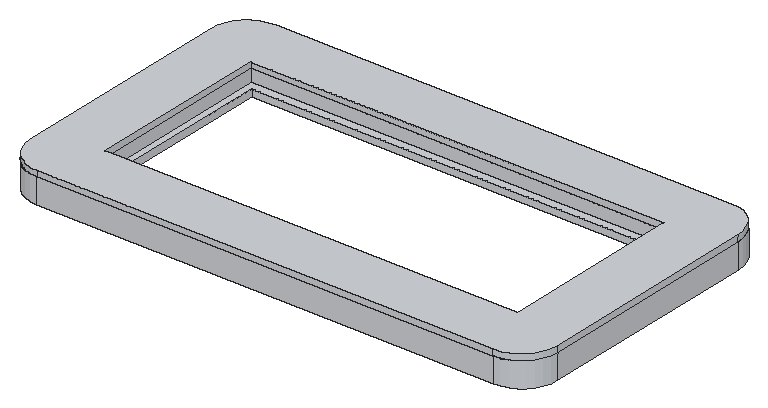
Revit family "Gira_1002410", category Electrical Fixtures, host Face, Revit 2017
Family settings
  Host = Face
  Maintain Annotation Orientation = No
  Round Connector Dimension = Use Diameter
  Part Type = Normal
  Cut with Voids When Loaded = No
  Shared = No
  Room Calculation Point = No
Parameters (values of type "Abdeckrahmen 2f o.M. Gira E3 Reinweiß/Reinweiß")
  Werkstoffgüte = "sonstige"
  Werkstoff = "sonstige"
  URL = "http://katalog.gira.de/de_DE/datenblatt.html?artikelnr=1002410"
  Transparent = "No"
  Textfeld/Beschriftungsfläche = "No"
  Schutzart (IP) = "IP20"
  Region = "DE"
  Oberfläche = "sonstige"
  Name = "Abdeckrahmen 2f o.M. Gira E3 Reinweiß/Reinweiß"
  Montagerichtung = "horizontal und vertikal"
  Mit Montagerahmen = "No"
  Mit Klappdeckel = "No"
  Manufacturer URL = "https://www.gira.de/"
  Keynote = "E3_Rahmen_2fach o.Mittelsteg"
  HeinzeBIM = "https://bimportal.heinze.de/bim/abdeckrahmen-2f-o-m-gira-e3-reinweiss-reinweiss/3f571e2e8e0dde6e0ee2e67f44e21d61b3205481"
  Halogenfrei = "No"
  HAN = "1002410"
  Geeignet für Unterputz-Installation = "Yes"
  Geeignet für Unterflurkanaldose = "No"
  Geeignet für Geräteeinbaukanal = "No"
  Geeignet für Einbauinstallation = "No"
  GTIN = "4010337023760"
  Farbe = "sonstige"
  Default Elevation = 1219.2 mm
  Data sheet (1) = "https://katalog.gira.de/de_DE/download.html?artikelnr=1002410"
  Category = "Abdeckrahmen"
  Befestigungsart = "Klemmbefestigung"
  Available = "Yes"
  Anzahl der Einheiten vertikal = "1 "
  Anzahl der Einheiten horizontal = "1 "
  Anzahl der Einheiten = "1 "
Reference planes
  plane 1 "Center (Front/Back)": y = 0
  plane 2: z = 0
  plane 3 "Center (Left/Right)": x = 0
Forms (mm)
  Extrusion 1, solid
    sketch origin (0, 0, 0) x (1, 0, 0) y (0, 1, 0)
      loop
        arc (-70.233, 45.809) -> (-78.018, 42.585) -> (-81.243, 34.8) r 11.009
        line (-81.243, 34.8) -> (-81.243, -34.8)
        arc (-81.243, -34.8) -> (-78.018, -42.585) -> (-70.233, -45.809) r 11.009
        line (-70.233, -45.809) -> (70.233, -45.809)
        arc (70.233, -45.809) -> (78.018, -42.585) -> (81.243, -34.8) r 11.009
        line (81.243, -34.8) -> (81.243, 34.8)
        arc (81.243, 34.8) -> (78.018, 42.585) -> (70.233, 45.809) r 11.009
        line (70.233, 45.809) -> (-70.233, 45.809)
      loop
        line (63.62, 28.156) -> (-63.62, 28.156) -> (-63.62, -28.156) -> (63.62, -28.156) -> (63.62, 28.156)
    from 7.65 to 9.5
  Extrusion 2, solid
    sketch origin (0, 0, 0) x (1, 0, 0) y (0, 1, 0)
      loop
        line (61.452, 25.7) -> (-61.448, 25.7) -> (-61.448, -25.7) -> (61.452, -25.7) -> (61.452, 25.7)
      loop
        line (-63.935, -28.156) -> (63.939, -28.156) -> (63.939, 28.156) -> (-63.935, 28.156) -> (-63.935, -28.156)
    from 1.65 to 3.9
  Extrusion 3, solid
    sketch origin (0, 0, 0) x (1, 0, 0) y (0, 1, 0)
      loop
        arc (-70.346, 45.809) -> (-78.131, 42.585) -> (-81.355, 34.8) r 11.009
        line (-81.355, 34.8) -> (-81.355, -34.8)
        arc (-81.355, -34.8) -> (-78.131, -42.585) -> (-70.346, -45.809) r 11.009
        line (-70.346, -45.809) -> (70.35, -45.809)
        arc (70.35, -45.809) -> (78.134, -42.585) -> (81.359, -34.8) r 11.009
        line (81.359, -34.8) -> (81.359, 34.8)
        arc (81.359, 34.8) -> (78.134, 42.585) -> (70.35, 45.809) r 11.009
        line (70.35, 45.809) -> (-70.346, 45.809)
      loop
        line (-79.389, 34.785) -> (-79.389, -34.785)
        arc (-79.389, -34.785) -> (-76.736, -41.19) -> (-70.331, -43.843) r 9.058
        line (-70.331, -43.843) -> (70.334, -43.843)
        arc (70.334, -43.843) -> (76.74, -41.19) -> (79.393, -34.785) r 9.058
        line (79.393, -34.785) -> (79.393, 34.785)
        arc (79.393, 34.785) -> (76.74, 41.19) -> (70.334, 43.843) r 9.058
        line (70.334, 43.843) -> (-70.331, 43.843)
        arc (-70.331, 43.843) -> (-76.736, 41.19) -> (-79.389, 34.785) r 9.058
    from 0 to 7.65
  Extrusion 4, solid
    sketch origin (0, 0, 0) x (1, 0, 0) y (0, 1, 0)
      loop
        line (-67.501, -39.8) -> (67.505, -39.8)
        arc (67.505, -39.8) -> (73.119, -36.708) -> (75.352, -30.7) r 9.2
        line (75.352, -30.7) -> (75.352, 30.7)
        arc (75.352, 30.7) -> (72.657, 37.205) -> (66.152, 39.9) r 9.2
        line (66.152, 39.9) -> (-66.148, 39.9)
        arc (-66.148, 39.9) -> (-72.653, 37.205) -> (-75.348, 30.7) r 9.2
        line (-75.348, 30.7) -> (-75.348, -30.7)
        arc (-75.348, -30.7) -> (-73.115, -36.708) -> (-67.501, -39.8) r 9.2
      loop
        line (-66.148, -31.7) -> (66.152, -31.7)
        arc (66.152, -31.7) -> (66.859, -31.407) -> (67.152, -30.7) r 1
        line (67.152, -30.7) -> (67.152, 30.7)
        arc (67.152, 30.7) -> (66.859, 31.407) -> (66.152, 31.7) r 1
        line (66.152, 31.7) -> (-66.148, 31.7)
        arc (-66.148, 31.7) -> (-66.855, 31.407) -> (-67.148, 30.7) r 1
        line (-67.148, 30.7) -> (-67.148, -30.7)
        arc (-67.148, -30.7) -> (-66.855, -31.407) -> (-66.148, -31.7) r 1
    from 1.65 to 3.9
  Extrusion 5, solid
    sketch origin (0, 0, 0) x (1, 0, 0) y (0, 1, 0)
      loop
        line (-63.62, 28.156) -> (-63.62, -28.156) -> (63.62, -28.156) -> (63.62, 28.156) -> (-63.62, 28.156)
      loop
        line (-66.692, 27.327) -> (-66.692, -27.327)
        arc (-66.692, -27.327) -> (-65.601, -29.977) -> (-62.954, -31.075) r 3.739
        line (-62.954, -31.075) -> (62.958, -31.075)
        arc (62.958, -31.075) -> (65.601, -29.98) -> (66.696, -27.337) r 3.739
        line (66.696, -27.337) -> (66.696, 27.337)
        arc (66.696, 27.337) -> (65.601, 29.98) -> (62.958, 31.075) r 3.739
        line (62.958, 31.075) -> (-62.954, 31.075)
        arc (-62.954, 31.075) -> (-65.601, 29.977) -> (-66.692, 27.327) r 3.739
    from 1.65 to 7.65
  Extrusion 6, solid, detail levels coarse+medium
    sketch origin (0, 0, 0) x (1, 0, 0) y (0, 1, 0)
      loop
        line (-81.355, 45.809) -> (-81.355, -45.809) -> (81.359, -45.809) -> (81.359, 45.809) -> (-81.355, 45.809)
    from 0 to 9.5
Dimensions and locks
  aligned and locked: plane 2 to host face
  aligned and locked: level to host face
